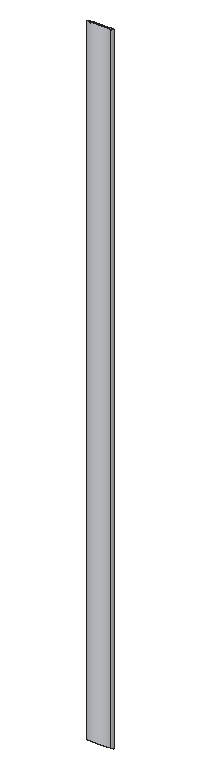
Revit family "Baluster - Round", category Balusters, Revit 2019
Family settings
  OmniClass Number = 23.30.80.11.11.14
  OmniClass Title = Posts, Newel Posts, Pickets
  Always vertical = Yes
  Cut with Voids When Loaded = No
  Shared = No
Parameters (values of type "1"")
  built-in parameter 1008623 [instance] = 32.47°
  built-in parameter 1008625 [instance] = (empty or 0)
  Post = no
  Diameter = 0' - 1"
  built-in parameter 1008624 [instance] = 32.47°
  Baluster Material = none
  built-in parameter 1008622 [instance] = 2' - 6"
Types (3): name | Diameter
  1" | 0' - 1"
  3/4" | 0' - 0 3/4"
  2" | 0' - 2"
Reference planes (in)
  plane 1 "Center (Front/Back)": y = 0
  plane 2: z = 0
  plane 3 "Center (Left/Right)": x = 0
  plane 4 "Top": z = 30
  plane 5 "Top Cut Angle": through (0, 13.58797, 21.35351) normal (0, -0.5369, -0.8437)
  plane 6: z = 39
  plane 7: x = -0.5
  plane 8: x = 0.5
  plane 9 "Bottom Cut Angle": through (0, 0, 0) normal (0, -0.5369, -0.8437)
  plane 10: z = -9
  plane 11: x = -1
  plane 12: x = 1
  plane 13: y = 1
  plane 14: y = -1
Forms (in)
  Extrusion 1, solid, material <- "Baluster Material"
    sketch origin (0, 0, 0) x (1, 0, 0) y (0, 1, 0)
      loop
        circle (0, 0) r 0.5
    from -9 to 39
  Extrusion 2, void
    sketch origin (0, 0, 0) x (0, 1, 0) y (0, 0, 1)
      loop
        line (-1, 39) -> (-1, 30.63633) -> (1, 29.36367) -> (1, 39) -> (-1, 39)
      loop
        line (1, -9) -> (1, -0.63633) -> (-1, 0.63633) -> (-1, -9) -> (1, -9)
    from -1 to 1
Cuts and joins
  Extrusion 2 cuts Extrusion 1
Dimensions and locks (in)
  "built-in parameter 1008622": plane 2 to plane 4 "Top"
  locked: plane 4 "Top" to plane 6 at 9
  equal spacing: plane 7, plane 3 "Center (Left/Right)", plane 8
  "Diameter": plane 7 to plane 8
  locked: level to plane 10 at 9
  "Diameter": plane 11 to plane 3 "Center (Left/Right)"
  "Diameter": plane 3 "Center (Left/Right)" to plane 12
  "Diameter": plane 1 "Center (Front/Back)" to plane 13
  "Diameter": plane 14 to plane 1 "Center (Front/Back)"
  "built-in parameter 1008623": angle plane 4 "Top" to plane 5 "Top Cut Angle"
  "built-in parameter 1008624": angle level to plane 9 "Bottom Cut Angle"
  aligned and locked: Extrusion 1 to plane 6
  aligned and locked: plane 11 to Extrusion 2
  aligned and locked: Extrusion 2 to plane 12
  aligned and locked: plane 6 to Extrusion 2 sketch curve
  aligned and locked: Extrusion 2 sketch curve to plane 13  (x2)
  aligned and locked: Extrusion 2 sketch curve to plane 14  (x2)
  aligned and locked: Extrusion 2 sketch curve to plane 10
  aligned and locked: Extrusion 2 sketch curve to plane 9 "Bottom Cut Angle"
  aligned and locked: Extrusion 2 to Extrusion 1
Automatic sketch dimensions
  Extrusion 1 sketch curve to plane 7 = 0' - 0"
  Extrusion 1 sketch curve to plane 1 "Center (Front/Back)" = 0' - 0"
  Extrusion 1 sketch curve to plane 3 "Center (Left/Right)" = 0' - 0"
  Extrusion 2 sketch curve to plane 5 "Top Cut Angle" = 0' - 0"  (x2)
